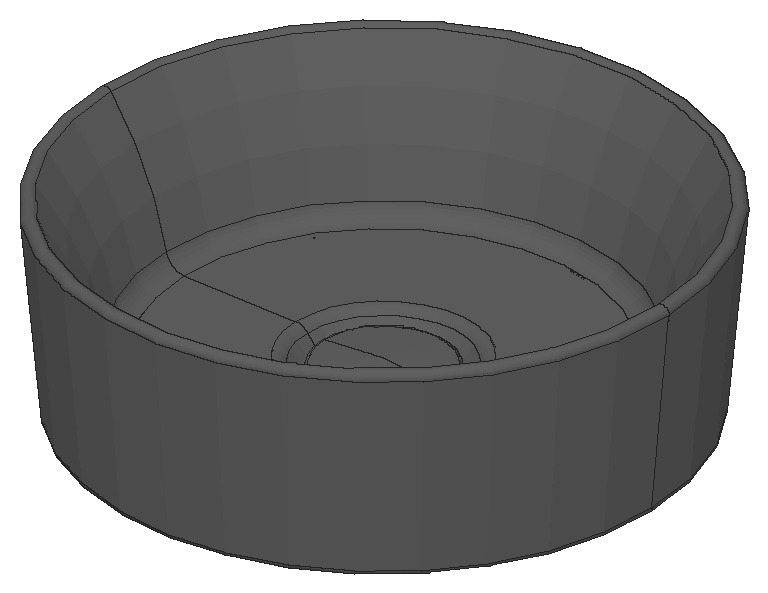
Revit family "Basin-Vessel-DXV-Pop_Round-D20090015_Series", category Plumbing Fixtures, Revit 2014
Parameters (values of type "D20090015.059")
  Width = 15"
  Waste Connection Radius = 5/8"
  Waste Connection Height = 18"
  Waste Connection Diameter = Waste Connection Radius * 2  # 1 1/4"
  Waste Connection = yes
  Warranty Documentation Link = "https://www.dxv.com/-/media/files/dxv/warranty/dxv_warranty_booklet.ashx"
  WFU = 2
  Vent Connection = no
  URL = "https://www.dxv.com/"
  Product Page URL = "https://www.dxv.com/product/pop-round-bathroom-vessel-sink-by-dxv"
  Product Documentation Link = "https://dxv01.blob.core.windows.net/dxv-product-pdf-files/spec_D20090015_DXV_Pop_rd_ac_lav_EN.pdf"
  Price = "Prices may vary. Please consult Manufacturer Rep for most up-to-date price list."
  Outlet Location = 4"
  Model = "D20090015.059"
  Material = "Fine Fire Clay-DXV-059-Matte Black"
  Manufacturer = "DXV"
  Length = 15"
  Installation Type = "Above Counter"
  Hot Water Connection Width = 3"
  Hot Water Connection Radius = 1/4"
  Hot Water Connection Height = 20"
  Hot Water Connection Diameter = Hot Water Connection Radius * 2  # 1/2"
  Height = 5"
  HWFU = 1.5
  HW Connection = yes
  Finish = Fine Fire Clay-DXV-059-Matte Black
  Description = "Pop Round Vessel Lavatory"
  Default Elevation = 28"
  Creation Date = "1/11/2013"  # constant formula
  Cold Water Connection Width = 3"
  Cold Water Connection Radius = 1/4"
  Cold Water Connection Height = Hot Water Connection Height  # 20"
  Cold Water Connection Diameter = Cold Water Connection Radius * 2  # 1/2"
  CWFU = 1.5
  CW Connection = yes
  Basin Shape = "Round"
  Assembly Code = "D2010310"
Types (6): name | Model | Material | Finish
  (no name) | "D20090015.059" | "Fine Fire Clay-DXV-059-Matte Black" | Fine Fire Clay-DXV-059-Matte Black
  D20090015.415 | "D20090015.415" | "Fine Fire Clay-DXV-415-Canvas White" | Fine Fire Clay-DXV-415-Canvas White
  D20090015.059 | "D20090015.059" | "Fine Fire Clay-DXV-059-Matte Black" | Fine Fire Clay-DXV-059-Matte Black
  D20090015.178 | "D20090015.178" | "Fine Fire Clay-DXV-178-Black" | Fine Fire Clay-DXV-178-Black
  D20090015.405 | "D20090015.405" | "Fine Fire Clay-DXV-405-Pearlescent White" | Fine Fire Clay-DXV-405-Pearlescent White
  D20090015.425 | "D20090015.425" | "Fine Fire Clay-DXV-425-Chenille Gray" | Fine Fire Clay-DXV-425-Chenille Gray
Reference planes (in)
  plane 1 "Center (Front/Back)": y = 0
  plane 2: z = 0
  plane 3 "Center (Left/Right)": x = 0
  plane 4: z = -28
  plane 5: z = -8
  plane 6: z = -10
  plane 7: x = 3
  plane 8: x = -3
  plane 9: y = -4
  plane 10: y = -11.5
  plane 11: y = -19
  plane 12: x = -7.5
  plane 13: x = 7.5
  plane 14: z = 5
  plane 15: z = 1.1875
Forms (in)
  Extrusion 1, solid, not visible
    sketch origin (0, 0, 0) x (1, 0, 0) y (0, 0, 1)
      loop
        circle (-3, -8) r 0.25
      loop
        circle (3, -8) r 0.25
      loop
        circle (0, -10) r 0.625
    from 0 to 0.03125
  Sweep 2, solid, material "Fine Fire Clay-DXV-059-Matte Black" <- "Finish"
    path origin (0, -11.50037, 0) x (1, 0, 0) y (0, 1, 0)
      loop
        circle (0, 0) r 7.5
    profile origin (7.5, -11.50037, 0) x (-1, 0, 0) y (0, 0, 1)
      loop
        arc (0.43352, 0.11262) -> (0.46993, 0.03268) -> (0.55147, 0) r 0.11808
        line (0.55147, 0) -> (1.53318, 0)
        arc (1.53318, 0) -> (1.60488, 0.02261) -> (1.65065, 0.08225) r 0.125
        line (1.65065, 0.08225) -> (1.9476, 0.89811)
        arc (1.9476, 0.89811) -> (2.07776, 1.05822) -> (2.27907, 1.10348) r 0.31514
        line (2.27907, 1.10348) -> (5.07013, 0.78852)
        arc (5.07013, 0.78852) -> (5.19513, 0.73675) -> (5.24691, 0.61175) r 0.17678
        arc (5.24691, 0.61175) -> (5.37897, 0.27835) -> (5.70352, 0.12582) r 0.48687
        arc (5.70352, 0.12582) -> (5.86097, 0.0568) -> (5.93662, -0.09757) r 0.25
        line (5.93662, -0.09757) -> (6.07992, -1.46096)
        arc (6.07992, -1.46096) -> (6.11759, -1.5349) -> (6.19507, -1.56464) r 0.11579
        line (6.19507, -1.56464) -> (6.50506, -1.56464) -> (6.625, -0.30725)
        arc (6.625, -0.30725) -> (6.56032, 0.02741) -> (6.32478, 0.27378) r 0.60406
        arc (6.32478, 0.27378) -> (5.864, 0.61343) -> (5.49139, 1.04797) r 2.52973
        arc (5.49139, 1.04797) -> (5.35953, 1.16739) -> (5.18747, 1.21259) r 0.375
        line (5.18747, 1.21259) -> (2.2453, 1.26395)
        arc (2.2453, 1.26395) -> (1.93435, 1.37941) -> (1.76409, 1.66406) r 0.5
        arc (1.76409, 1.66406) -> (1.21701, 3.37558) -> (0.31458, 4.92936) r 8.3042
        arc (0.31458, 4.92936) -> (0.10829, 4.98758) -> (0.00113, 4.80194) r 0.17454
        arc (0.00113, 4.80194) -> (0.27089, 2.46222) -> (0.43352, 0.11262) r 51.56393
  Revolve 3, solid, material "Fine Fire Clay-DXV-059-Matte Black" <- "Finish"
    sketch origin (0, -11.5, 0) x (1, 0, 0) y (0, 0, 1)
      loop
        line (0, 0.78852) -> (1.625, 0.78852) -> (1.625, 0.97333)
        arc (1.625, 0.97333) -> (1.60669, 1.0232) -> (1.56047, 1.04938) r 0.07708
        arc (1.56047, 1.04938) -> (0.78284, 1.14762) -> (0, 1.18675) r 10.35303
        line (0, 1.18675) -> (0, 0.78852)
      axis (0, 1.18675) -> (0, 0.78852)
    angle from 0 to 360
Cuts and joins
  joined: Sweep 2, Revolve 3
Lines and regions (in)
  Masking region 1
    outline origin (0, 0, 0) x (1, 0, 0) y (0, 1, 0)
      loop
        circle (0, -11.5) r 7.5
  symbolic lines, style "PlumbingFixtures", detail levels medium+fine
    curve 1: circle (0, -11.5, 0) r 0.875 normal (0, 0, 1)
  symbolic lines, detail levels medium+fine
    curve 2: circle (0, -11.50037, 0) r 6.8125 normal (0, 0, -1)
  symbolic lines, detail levels fine
    curve 3: circle (0, -11.5, 0) r 5 normal (0, 0, 1)
    curve 4: circle (0, -11.5, 0) r 1.25 normal (0, 0, 1)
Dimensions and locks (in)
  "Default Elevation": level to plane 4
  "Hot Water Connection Height": plane 5 to plane 4
  "Waste Connection Height": plane 6 to plane 4
  "Hot Water Connection Width": plane 8 to plane 3 "Center (Left/Right)"
  "Cold Water Connection Width": plane 7 to plane 3 "Center (Left/Right)"
  "Length": plane 9 to plane 11
  "Width": plane 12 to plane 13
  "Height": plane 14 to level
  plane 14 to plane 15 = 3 13/16"
  plane 12 to plane 13 = 15"
  "Outlet Location": plane 1 "Center (Front/Back)" to plane 9
Automatic sketch dimensions
  Extrusion 1 sketch curve to plane 5 = 0"  (x2)
  plane 8 to Extrusion 1 sketch curve = 0"
  Extrusion 1 sketch curve to plane 3 "Center (Left/Right)" = 0"
  Extrusion 1 sketch curve to plane 7 = 0"
  Extrusion 1 sketch curve to plane 6 = 0"
  Sweep 2 sketch curve to plane 3 "Center (Left/Right)" = 0"
  Sweep 2 sketch curve to plane 10 = 0.00037"
  Sweep 2 sketch curve to profile plane = 0"
  Sweep 2 sketch curve to profile plane = 2.27232"
  profile plane to Sweep 2 sketch curve = 51.07522"
  profile plane to Sweep 2 sketch curve = 0.0063"
  profile plane to Sweep 2 sketch curve = 6.37297"
  Sweep 2 sketch curve to profile plane = 0.17402"
  Sweep 2 sketch curve to profile plane = 0.55147"
  Sweep 2 sketch curve to Sweep 2 sketch curve = 0.98171"
  profile plane to Sweep 2 sketch curve = 0.08225"
  Sweep 2 sketch curve to Sweep 2 sketch curve = 0.11746"
  profile plane to Sweep 2 sketch curve = 0.89811"
  Sweep 2 sketch curve to Sweep 2 sketch curve = 0.29695"
  Sweep 2 sketch curve to Sweep 2 sketch curve = 0.29613"
  Sweep 2 sketch curve to Sweep 2 sketch curve = 0.2977"
  Sweep 2 sketch curve to Sweep 2 sketch curve = 0.00873"
  Sweep 2 sketch curve to Sweep 2 sketch curve = 0.03377"
  profile plane to Sweep 2 sketch curve = 0.61175"
  Sweep 2 sketch curve to Sweep 2 sketch curve = 2.8264"
  Sweep 2 sketch curve to Sweep 2 sketch curve = 0.1108"
  profile plane to Sweep 2 sketch curve = 1.21259"
  Sweep 2 sketch curve to Sweep 2 sketch curve = 0.00654"
  Sweep 2 sketch curve to profile plane = 0.1237"
  Sweep 2 sketch curve to Sweep 2 sketch curve = 0.61786"
  Sweep 2 sketch curve to Sweep 2 sketch curve = 0.55285"
  Sweep 2 sketch curve to profile plane = 0.09757"
  Sweep 2 sketch curve to Sweep 2 sketch curve = 0.24863"
  Sweep 2 sketch curve to Sweep 2 sketch curve = 0.08705"
  Sweep 2 sketch curve to profile plane = 1.46096"
  Sweep 2 sketch curve to Sweep 2 sketch curve = 0.05625"
  Sweep 2 sketch curve to Sweep 2 sketch curve = 0.11515"
  Sweep 2 sketch curve to profile plane = 1.56464"
  Sweep 2 sketch curve to Sweep 2 sketch curve = 0.30999"
  Sweep 2 sketch curve to profile plane = 0.30725"
  Sweep 2 sketch curve to Sweep 2 sketch curve = 0.60133"
  Sweep 2 sketch curve to Sweep 2 sketch curve = 1.85199"
  Sweep 2 sketch curve to Sweep 2 sketch curve = 0.15232"
  Sweep 2 sketch curve to Sweep 2 sketch curve = 0.11808"
  Sweep 2 sketch curve to Sweep 2 sketch curve = 0.17678"
  Sweep 2 sketch curve to Sweep 2 sketch curve = 0.10778"
  Sweep 2 sketch curve to Sweep 2 sketch curve = 0.04912"
  Sweep 2 sketch curve to Sweep 2 sketch curve = 0.16047"
  Sweep 2 sketch curve to Sweep 2 sketch curve = 0.49992"
  profile plane to Sweep 2 sketch curve = 2.46682"
  Sweep 2 sketch curve to Sweep 2 sketch curve = 3.16183"
  Sweep 2 sketch curve to profile plane = 0.00113"
  Sweep 2 sketch curve to Sweep 2 sketch curve = 0"  (x4)
  Masking region 1 sketch curve to plane 3 "Center (Left/Right)" = 0"
  Masking region 1 sketch curve to plane 10 = 0"
  Revolve 3 sketch curve to plane 3 "Center (Left/Right)" = 0"  (x2)
  Revolve 3 sketch curve to plane 3 "Center (Left/Right)" = 1/8"
  Revolve 3 sketch curve to plane 15 = 0.21417"
  Revolve 3 sketch curve to plane 7 = 1.45208"
  Revolve 3 sketch curve to Revolve 3 sketch curve = 0.07708"
  Revolve 3 sketch curve to Revolve 3 sketch curve = 0.18481"
  plane 6 to Revolve 3 sketch curve = 0.83447"
  Revolve 3 sketch curve to plane 15 = 0.00075"
  plane 15 to Revolve 3 sketch curve = 0.1074"
  Revolve 3 sketch curve to Revolve 3 sketch curve = 0.09456"
  curve 1 to curve 3 = 0"  (x2)
  curve 1 to curve 4 = 0"  (x2)
  curve 3 to curve 4 = 0"  (x2)
  curve 2 to plane 3 "Center (Left/Right)" = 0"
  curve 3 to plane 3 "Center (Left/Right)" = 0"
  curve 3 to plane 10 = 0"
  curve 2 to curve 1 = 0.00037"
  radius of Extrusion 1 sketch curve = 1/4"  (x2)
  radius of Extrusion 1 sketch curve = 5/8"
  radius of Sweep 2 sketch curve = 7 1/2"
  radius of Masking region 1 sketch curve = 7 1/2"
  radius of curve 1 = 7/8"
  radius of curve 2 = 6 13/16"
  radius of curve 3 = 5"
  radius of curve 4 = 1 1/4"
Connectors (in)
  piping at (0, 0, -10), diameter 1.25, driven by "Waste Connection Radius", driven by "WFU"
    settings: on Extrusion 1, index 1, connector inside diameter 1 1/4", connector length 0", flow factor 0, pipe flow 0 GPM, pressure drop 0.00 psi, fitting loss kfactor 0, connector angle 0.00°, fixture units 2, engagement length 0", angle of deflection 0.00°, flow configuration 3, flow direction 2, fitting loss method 0, system type 16, joint type 0, gender type 0, connector reference index -1, connector utility 0, adjustable connector yes, is connector primary yes, connector description "1-1/4\" O.D. Outlet"
  piping at (3, 0, -8), diameter 0.5, driven by "Cold Water Connection Radius", driven by "CWFU"
    settings: on Extrusion 1, index 2, connector inside diameter 1/2", connector length 0", flow factor 0, pipe flow 0 GPM, pressure drop 0.00 psi, fitting loss kfactor 0, connector angle 0.00°, fixture units 1.5, engagement length 0", angle of deflection 0.00°, flow configuration 3, flow direction 1, fitting loss method 0, system type 20, joint type 0, gender type 0, connector reference index -1, connector utility 0, adjustable connector no, is connector primary no, connector description "1/2\" CW Supply Inlet"
  piping at (-3, 0, -8), diameter 0.5, driven by "Hot Water Connection Radius", driven by "HWFU"
    settings: on Extrusion 1, index 3, connector inside diameter 1/2", connector length 0", flow factor 0, pipe flow 0 GPM, pressure drop 0.00 psi, fitting loss kfactor 0, connector angle 0.00°, fixture units 1.5, engagement length 0", angle of deflection 0.00°, flow configuration 3, flow direction 1, fitting loss method 0, system type 19, joint type 0, gender type 0, connector reference index -1, connector utility 0, adjustable connector no, is connector primary no, connector description "1/2\" HW Supply Inlet"
